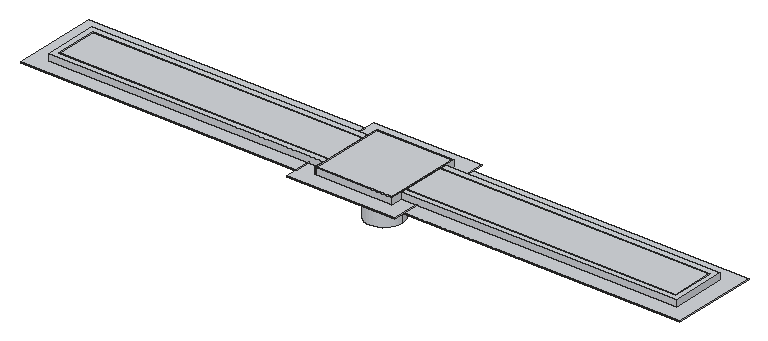
Revit family "RS770.15.150-245Entwässerungsrinne mit Auslaufkasten", category Sanitärinstallationen, Revit 2020
Family settings
  Bemaßung runder Anschluss = Durchmesser verwenden
  Teiletyp = Normal
  Arbeitsebenenbasiert = Nein
  Immer vertikal = Ja
  Beim Laden mit Abzugskörper schneiden = Nein
  Gemeinsam genutzt = Nein
  Raumberechnungspunkt = Nein
Parameters (values of type "Auslaufkasten 245mm")
  Übergangsbride [instance] = no
  Vorgabe-Ansicht = 0 mm
  Verbindungsbügel [instance] = L Links + L Rechts  # 2000 mm
  URL = "https://www.resitec.ch/"
  Tragstab 30mm [instance] = yes
  Tragstab 25mm [instance] = no
  Tragstab 20mm [instance] = no
  Rost innen ref [instance] = if(Doppelschlitzrinne, 70 mm, if(Doppelschlitzrinne, Rinnen Breite innen - 20 mm, Rinnen Breite innen - 2 mm))  # 135 mm
  Rinnen Tiefe [instance] = 60 mm
  Rinnen Breite rechts [instance] = 1000 mm
  Rinnen Breite links [instance] = 1000 mm
  Rinnen Breite innen [instance] = 137 mm
  Rechts [instance] = yes
  Rand 18mm [instance] = yes
  RS_s002 = 1.8 mm  # constant formula
  RS_s001 = 3 mm  # constant formula
  RS_rechtsKR [instance] = L Rechts + RS_KR  # 1050 mm
  RS_linksKR [instance] = L Links + RS_KR  # 1050 mm
  RS_hts [instance] = if(Tragstab 20mm, 1 mm, if(Tragstab 25mm, 2 mm, if(Tragstab 30mm, 3 mm, 3 mm)))  # 3 mm
  RS_gefun [instance] = 60 mm
  RS_gefob [instance] = 40 mm
  RS_dpschon [instance] = not(Doppelschlitzrinne)  # yes
  RS_dimmin95 [instance] = 100 mm
  RS_dimk001 = 115 mm  # constant formula
  RS_dim001 = 20 mm  # constant formula
  RS_dim002 [instance] = if(RS_hts = 1 mm, 20 mm + 2 mm, if(RS_hts = 2 mm, 25 mm + 2 mm, if(RS_hts = 3 mm, 30 mm + 2 mm, 32 mm)))  # 32 mm
  RS_dim003 [instance] = if(Rinnen Tiefe < RS_dim002, RS_dim002 + RS_s002, Rinnen Tiefe)  # 60 mm
  RS_dia002 = 110 mm
  RS_dia001 = 245 mm
  RS_breite Rand [instance] = if(Rand 18mm, 18 mm, 15 mm)  # 18 mm
  RS_RohrL [instance] = if(Länge Rohr < RS_gefun, ((RS_gefun + 10 mm) - RS_gefob), Länge Rohr)  # 150 mm
  RS_RinneRon [instance] = Rechts  # yes
  RS_RinneLon [instance] = Links  # yes
  RS_KRvorne [instance] = (Breite Aussen ref / 2) + RS_KR  # 136.5 mm
  RS_KRr [instance] = and(Rechts, Kleberand)  # yes
  RS_KRon [instance] = Kleberand  # yes
  RS_KRl [instance] = and(Links, Kleberand)  # yes
  RS_KRhinten [instance] = (Breite Aussen ref / 2) + RS_KR  # 136.5 mm
  RS_KR [instance] = 50 mm  # constant formula
  RS_DN2 = 0 mm
  RS_DN1d [instance] = D  # 114.7 mm
  RS_DN1 = 100 mm  # constant formula
  RS_URL = "https://resitec.ch/entwaesserungstechnik/entwaesserungsrinnen/rinnen/"
  RS_Rost_Typ [instance] = "RS670K.40"
  RS_Manufacture = "Resitec"  # constant formula
  RS_Description [instance] = "mit Gefälle"
  RS_Articelnumber [instance] = "Entwässerungsrinne"
  Länge Rohr [instance] = 150 mm
  Links [instance] = yes
  L Rechts Innen ref [instance] = L Rechts - RS_breite Rand  # 982 mm
  L Rechts [instance] = Rinnen Breite rechts  # 1000 mm
  L Links innen ref [instance] = L Links - RS_breite Rand  # 982 mm
  L Links [instance] = Rinnen Breite links  # 1000 mm
  Kleberand [instance] = yes
  Hersteller = RS_Manufacture  # "Resitec"
  Doppelschlitzrinne [instance] = no
  D [instance] = 114.7 mm
  Breite Innen ref [instance] = if(Doppelschlitzrinne, 90 mm, Rinnen Breite innen)  # 137 mm
  Breite Aussen ref [instance] = if(Doppelschlitzrinne, 120 mm, Rinnen Breite innen + (2 * RS_breite Rand))  # 173 mm
  Description = ""
  Baugruppenkennzeichen = "D2030300"
  Anschlusswert DU L/s = 0
Types (3, lengths in mm): name | Rost innen ref | Rechts | RS_dpschon | RS_dia001 | RS_RinneRon | RS_KRvorne | RS_KRr | RS_KRhinten | Doppelschlitzrinne | Breite Innen ref | Breite Aussen ref
  (no name) | 135 | yes | yes | 245 | yes | 136.5 | yes | 136.5 | no | 137 | 173
  Auslaufkasten 245mm | 135 | yes | yes | 245 | yes | 136.5 | yes | 136.5 | no | 137 | 173
  Auslaufkasten 151mm | 70 | no | no | 151 | no | 110 | no | 110 | yes | 90 | 120
Reference planes
  plane 1 "Mitte (Vorne/hinten)": y = 0
  plane 2: z = 0
  plane 3 "Mitte (Links/rechts)": x = 0
  plane 4: x = -1000
  plane 5: x = 1000
  plane 6: y = 68.5
  plane 7: y = -68.5
  plane 8: y = 86.5
  plane 9: y = -86.5
  plane 10: x = -982
  plane 11: x = 982
  plane 12 "ebeneKBlech": z = -20
  plane 13 "lvdim002": z = -32
  plane 14: y = 57.5
  plane 15: y = -57.5
  plane 16: y = 136.5
  plane 17: x = 1050
  plane 18: y = -136.5
  plane 19: x = -1050
  plane 20: z = -150
  plane 21: x = -981
  plane 22: y = -67.5
  plane 23: x = 981
  plane 24: y = 67.5
  plane 25: z = -60
  plane 26: x = -122.5
  plane 27: y = -122.5
  plane 28: y = 122.5
  plane 29: x = 122.5
  plane 30: x = -120.7
  plane 31: y = -120.7
  plane 32: y = 120.7
  plane 33: x = 120.7
  plane 34: y = 119.7
  plane 35: x = 119.7
  plane 36: y = -119.7
  plane 37: x = -119.7
  plane 38: y = 172.5
  plane 39: x = 172.5
  plane 40: y = -172.5
  plane 41: x = -172.5
  plane 42: y = 67.5
  plane 43: y = -67.5
Forms (mm)
  Extrusion 1, solid, visible <- "RS_RinneRon"
    sketch origin (0, 0, 0) x (1, 0, 0) y (0, 1, 0)
      loop
        line (1000, 86.5) -> (122.5, 86.5) -> (122.5, 68.5) -> (982, 68.5) -> (982, -68.5) -> (122.5, -68.5) -> (122.5, -86.5) -> (1000, -86.5) -> (1000, 86.5)
    from 0 to -20
  Extrusion 2, solid, visible <- "RS_KRl"
    sketch origin (0, 0, -20) x (-1, 0, 0) y (0, -1, 0)
      loop
        line (1050, -136.5) -> (1050, 136.5) -> (172.5, 136.5) -> (172.5, -86.5) -> (172.5, -136.5) -> (1050, -136.5)
    from 0 to -1.8
  Extrusion 3, solid
    sketch origin (0, 0, -40) x (-1, 0, 0) y (0, -1, 0)
      loop
        circle (0, 0) r 57.35
    from 8 to -110
  Extrusion 4, solid, visible <- "RS_RinneLon"
    sketch origin (0, 0, -20) x (-1, 0, 0) y (0, -1, 0)
      loop
        line (982, -68.5) -> (982, 57.5) -> (0, 57.5) -> (0, -68.5) -> (982, -68.5)
    from 0 to -12
  Extrusion 5, solid, visible <- "RS_RinneLon"
    sketch origin (0, 0, -20) x (-1, 0, 0) y (0, -1, 0)
      loop
        line (981, -67.5) -> (981, 67.5) -> (122.5, 67.5) -> (122.5, -67.5) -> (981, -67.5)
    from 0 to 20
  Extrusion 6, solid, visible <- "RS_RinneLon"
    sketch origin (0, 0, 0) x (1, 0, 0) y (0, 1, 0)
      loop
        line (-982, 57.5) -> (-982, -57.5) -> (0, -57.5) -> (0, 57.5) -> (-982, 57.5)
    from -32 to -60
  Extrusion 7, solid, visible <- "RS_RinneLon"
    sketch origin (0, 0, 0) x (1, 0, 0) y (0, 1, 0)
      loop
        line (-122.5, 86.5) -> (-1000, 86.5) -> (-1000, -86.5) -> (-122.5, -86.5) -> (-122.5, -68.5) -> (-982, -68.5) -> (-982, 68.5) -> (-122.5, 68.5) -> (-122.5, 86.5)
    from -20 to 0
  Extrusion 8, solid, visible <- "RS_RinneRon"
    sketch origin (800, 0, -20) x (-1, 0, 0) y (0, -1, 0)
      loop
        line (800, -68.5) -> (800, 68.5) -> (-182, 68.5) -> (-182, -68.5) -> (800, -68.5)
    from 0 to -12
  Extrusion 9, solid, visible <- "RS_RinneRon"
    sketch origin (781, 0, -20) x (-1, 0, 0) y (0, -1, 0)
      loop
        line (658.5, -67.5) -> (658.5, 67.5) -> (-200, 67.5) -> (-200, -67.5) -> (658.5, -67.5)
    from 0 to 20
  Extrusion 10, solid, visible <- "RS_RinneRon"
    sketch origin (782, 0, 0) x (1, 0, 0) y (0, 1, 0)
      loop
        line (-782, 57.5) -> (-782, -57.5) -> (200, -57.5) -> (200, 57.5) -> (-782, 57.5)
    from -32 to -60
  Extrusion 11, solid
    sketch origin (0, 0, 0) x (1, 0, 0) y (0, 1, 0)
      loop
        line (-122.5, 122.5) -> (-122.5, -122.5) -> (122.5, -122.5) -> (122.5, 122.5) -> (-122.5, 122.5)
      loop
        line (-120.7, 120.7) -> (-120.7, -120.7) -> (120.7, -120.7) -> (120.7, 120.7) -> (-120.7, 120.7)
    from 0 to -20
  Extrusion 12, solid, visible <- "RS_KRon"
    sketch origin (0, 0, -20) x (-1, 0, 0) y (0, -1, 0)
      loop
        line (172.5, -172.5) -> (172.5, 172.5) -> (-172.5, 172.5) -> (-172.5, -172.5) -> (172.5, -172.5)
      loop
        line (-122.5, 122.5) -> (-122.5, -122.5) -> (122.5, -122.5) -> (122.5, 122.5) -> (-122.5, 122.5)
    from 0 to -1.8
  Extrusion 13, solid
    sketch origin (0, 0, 0) x (1, 0, 0) y (0, 1, 0)
      loop
        line (-119.7, 119.7) -> (-119.7, -119.7) -> (119.7, -119.7) -> (119.7, 119.7) -> (-119.7, 119.7)
    from 0 to -20
  Extrusion 14, solid, visible <- "RS_KRr"
    sketch origin (0, 0, -20) x (-1, 0, 0) y (0, -1, 0)
      loop
        line (-172.5, -136.5) -> (-172.5, 136.5) -> (-1050, 136.5) -> (-1050, -136.5) -> (-172.5, -136.5)
    from 0 to -1.8
Dimensions and locks
  equal spacing: plane 7, plane 1 "Mitte (Vorne/hinten)", plane 6
  "L Links": plane 4 to plane 3 "Mitte (Links/rechts)"
  "L Rechts": plane 3 "Mitte (Links/rechts)" to plane 5
  "Breite Innen ref": plane 6 to plane 7
  equal spacing: plane 9, plane 1 "Mitte (Vorne/hinten)", plane 8
  "Breite Aussen ref": plane 8 to plane 9
  "L Links innen ref": plane 10 to plane 3 "Mitte (Links/rechts)"
  "L Rechts Innen ref": plane 3 "Mitte (Links/rechts)" to plane 11
  "RS_dim001": level to plane 12 "ebeneKBlech"
  "RS_dim002": level to plane 13 "lvdim002"
  equal spacing: plane 15, plane 1 "Mitte (Vorne/hinten)", plane 14
  "RS_dimk001": plane 14 to plane 15
  "RS_linksKR": plane 19 to plane 3 "Mitte (Links/rechts)"
  "RS_rechtsKR": plane 3 "Mitte (Links/rechts)" to plane 17
  "RS_KRhinten": plane 1 "Mitte (Vorne/hinten)" to plane 16
  "RS_KRvorne": plane 18 to plane 1 "Mitte (Vorne/hinten)"
  locked: plane 24 to plane 6 at 1
  locked: plane 10 to plane 21 at 1
  locked: plane 23 to plane 11 at 1
  locked: plane 22 to plane 7 at 1
  plane 12 "ebeneKBlech" to Extrusion 2 = 1.8 mm
  "RS_dim003": level to plane 25
  "Länge Rohr": level to plane 20
  equal spacing: plane 27, plane 1 "Mitte (Vorne/hinten)", plane 28
  equal spacing: plane 26, plane 3 "Mitte (Links/rechts)", plane 29
  "RS_dia001": plane 26 to plane 29
  "RS_dia001": plane 28 to plane 27
  "RS_s002": plane 28 to plane 32
  "RS_s002": plane 33 to plane 29
  "RS_s002": plane 31 to plane 27
  "RS_s002": plane 26 to plane 30
  locked: plane 30 to plane 37 at 1
  locked: plane 35 to plane 33 at 1
  locked: plane 32 to plane 34 at 1
  locked: plane 36 to plane 31 at 1
  "RS_KR": plane 41 to plane 26
  "RS_KR": plane 29 to plane 39
  "RS_KR": plane 38 to plane 28
  "RS_KR": plane 27 to plane 40
  locked: plane 12 "ebeneKBlech" to Extrusion 2 at 1.8
  equal spacing: plane 42, plane 1 "Mitte (Vorne/hinten)", plane 43
  "Rost innen ref": plane 42 to plane 43
  "RS_DN1d": diameter of Extrusion 3 sketch curve
  aligned and locked: level to plane 2
  aligned and locked: plane 6 to Extrusion 1 sketch curve
  aligned and locked: Extrusion 1 sketch curve to plane 7
  aligned and locked: Extrusion 1 sketch curve to plane 8
  aligned and locked: plane 9 to Extrusion 1 sketch curve
  aligned and locked: plane 19 to Extrusion 2 sketch curve
  aligned and locked: Extrusion 2 sketch curve to plane 18
  aligned and locked: Extrusion 2 sketch curve to plane 16
  aligned and locked: Extrusion 3 to plane 20
  aligned and locked: Extrusion 4 sketch curve to Extrusion 1
  aligned and locked: Extrusion 5 sketch curve to plane 21
  aligned and locked: plane 12 "ebeneKBlech" to Extrusion 2
  aligned and locked: Extrusion 1 to plane 12 "ebeneKBlech"
  aligned and locked: plane 13 "lvdim002" to Extrusion 3
  aligned and locked: Extrusion 1 sketch curve to plane 11
  aligned and locked: plane 5 to Extrusion 1 sketch curve
  aligned and locked: Extrusion 7 to plane 12 "ebeneKBlech"
  aligned and locked: level to Extrusion 7
  aligned and locked: plane 12 "ebeneKBlech" to Extrusion 8
  aligned and locked: Extrusion 8 to plane 13 "lvdim002"
  aligned and locked: Extrusion 8 to plane 3 "Mitte (Links/rechts)"
  aligned and locked: plane 11 to Extrusion 8
  aligned and locked: Extrusion 8 to plane 7
  aligned and locked: plane 6 to Extrusion 8
  aligned and locked: Extrusion 9 to plane 23
  aligned and locked: Extrusion 10 to plane 3 "Mitte (Links/rechts)"
  aligned and locked: Extrusion 11 sketch curve to plane 28
  aligned and locked: plane 26 to Extrusion 11 sketch curve
  aligned and locked: plane 27 to Extrusion 11 sketch curve
  aligned and locked: Extrusion 11 sketch curve to plane 29
  aligned and locked: plane 32 to Extrusion 11 sketch curve
  aligned and locked: plane 30 to Extrusion 11 sketch curve
  aligned and locked: plane 31 to Extrusion 11 sketch curve
  aligned and locked: Extrusion 11 sketch curve to plane 33
  aligned and locked: Extrusion 11 to plane 12 "ebeneKBlech"
  aligned and locked: Extrusion 12 sketch curve to Extrusion 11  (x4)
  aligned and locked: Extrusion 12 sketch curve to plane 38
  aligned and locked: Extrusion 12 sketch curve to plane 39
  aligned and locked: Extrusion 12 sketch curve to plane 40
  aligned and locked: Extrusion 12 sketch curve to plane 41
  aligned and locked: Extrusion 13 sketch curve to plane 34
  aligned and locked: Extrusion 13 sketch curve to plane 37
  aligned and locked: Extrusion 13 sketch curve to plane 36
  aligned and locked: Extrusion 13 sketch curve to plane 35
  aligned and locked: Extrusion 13 to plane 12 "ebeneKBlech"
  aligned and locked: level to Extrusion 13
  aligned and locked: Extrusion 1 to plane 29  (x2)
  aligned and locked: Extrusion 9 to Extrusion 1
  aligned and locked: Extrusion 2 to plane 41  (x2)
  aligned and locked: plane 26 to Extrusion 7  (x2)
  aligned and locked: plane 26 to Extrusion 5
  aligned and locked: Extrusion 10 to plane 25
  aligned and locked: plane 13 "lvdim002" to Extrusion 10
  aligned and locked: Extrusion 6 to plane 15
  aligned and locked: plane 14 to Extrusion 6
  aligned and locked: plane 14 to Extrusion 10
  aligned and locked: Extrusion 10 to plane 15
  aligned and locked: Extrusion 14 sketch curve to plane 16
  aligned and locked: plane 39 to Extrusion 14 sketch curve
  aligned and locked: Extrusion 14 sketch curve to plane 18
  aligned and locked: Extrusion 14 sketch curve to plane 17
  aligned and locked: Extrusion 6 to plane 25
  aligned and locked: plane 42 to Extrusion 5
  aligned and locked: Extrusion 5 to plane 43
  aligned and locked: plane 42 to Extrusion 9
  aligned and locked: Extrusion 9 to plane 43
Automatic sketch dimensions
  plane 3 "Mitte (Links/rechts)" to Extrusion 1 sketch curve = 122.5 mm  (x2)
  Extrusion 4 sketch curve to plane 3 "Mitte (Links/rechts)" = 0 mm
  Extrusion 4 sketch curve to plane 10 = 0 mm
  plane 24 to Extrusion 5 sketch curve = 0 mm
  plane 22 to Extrusion 5 sketch curve = 0 mm
  plane 4 to Extrusion 6 sketch curve = 18 mm
  Extrusion 6 sketch curve to plane 3 "Mitte (Links/rechts)" = 0 mm
  plane 7 to Extrusion 6 sketch curve = 11 mm
  Extrusion 6 sketch curve to plane 6 = 11 mm
  Extrusion 7 sketch curve to plane 4 = 0 mm
  Extrusion 7 sketch curve to plane 6 = 0 mm
  Extrusion 7 sketch curve to plane 10 = 0 mm
  Extrusion 7 sketch curve to plane 3 "Mitte (Links/rechts)" = 122.5 mm  (x2)
  Extrusion 7 sketch curve to plane 9 = 0 mm
  Extrusion 7 sketch curve to plane 7 = 0 mm
  Extrusion 7 sketch curve to plane 8 = 0 mm
  Extrusion 8 sketch curve to plane 6 = 0 mm
  Extrusion 8 sketch curve to plane 11 = 0 mm
  Extrusion 8 sketch curve to plane 3 "Mitte (Links/rechts)" = 0 mm
  Extrusion 8 sketch curve to plane 7 = 0 mm
  plane 7 to Extrusion 10 sketch curve = 11 mm
  Extrusion 10 sketch curve to plane 6 = 11 mm
  Extrusion 10 sketch curve to plane 11 = 0 mm
  Extrusion 10 sketch curve to plane 3 "Mitte (Links/rechts)" = 0 mm
  Extrusion 9 sketch curve to plane 23 = 0 mm
  plane 3 "Mitte (Links/rechts)" to Extrusion 9 sketch curve = 122.5 mm
  plane 24 to Extrusion 9 sketch curve = 0 mm
  plane 22 to Extrusion 9 sketch curve = 0 mm
  Extrusion 5 sketch curve to plane 3 "Mitte (Links/rechts)" = 122.5 mm
  Extrusion 4 sketch curve to plane 15 = 0 mm
  Extrusion 2 sketch curve to plane 8 = 0 mm
  Extrusion 2 sketch curve to plane 41 = 0 mm
  plane 1 "Mitte (Vorne/hinten)" to Extrusion 3 sketch curve = 0 mm
  Extrusion 3 sketch curve to plane 3 "Mitte (Links/rechts)" = 0 mm
